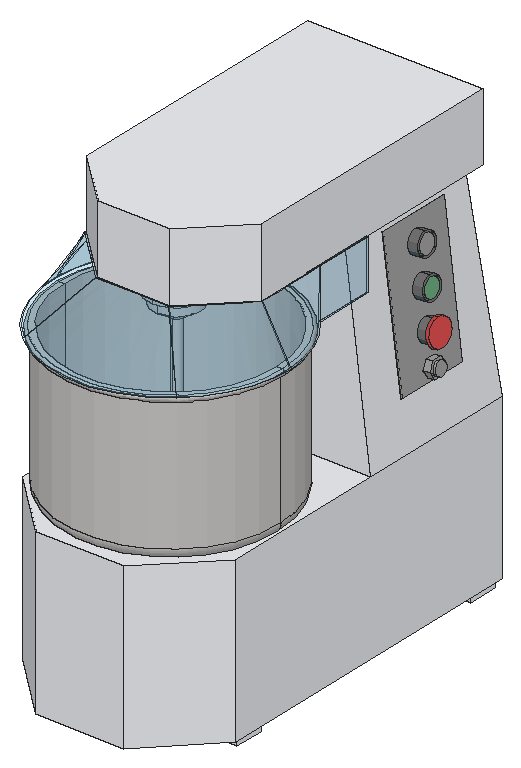
Revit family "QF_DITOSAMA_601525_DZSP10", category Specialty Equipment, Revit 2018
Family settings
  Round Connector Dimension = Use Diameter
  Part Type = Normal
  Work Plane-Based = No
  Always vertical = Yes
  Cut with Voids When Loaded = No
  Shared = No
  Room Calculation Point = No
Parameters
  Weight = 47.00 kg
  Watts = 0 W
  Volts = 0 V
  URL Manufacturer = ""
  URL = ""
  Steam Supply Size = 0 mm
  Steam Supply Minimum Pressure = 0.0 Pa
  Steam Supply Maximum Pressure = 0.0 Pa
  Steam Pounds per Hour = 0
  Refrigeration Suction Line Size = 0 mm
  Refrigeration Liquid Line Size = 0 mm
  Refrigerant Compressor Remote = yes
  Manufacturer = ""
  Phase = 0
  Model = ""
  Length Actual = 280 mm  # constant formula
  Item Number = ""
  Hot Water Size = 0 mm
  Height Actual = 580 mm  # constant formula
  HP = "0.7 HP"
  Gas Size = 0 mm
  Gas KW = 0
  Gas Input Pressure = 0 W
  Direct Waste Size = 0 mm
  Description = ""
  Depth Actual = 520 mm  # constant formula
  Cycle = 0 Hz
  Condensate Return Size = 0 mm
  Compressed Air Volume = 0.0 L/s
  Compressed Air Size = 0 mm
  Compressed Air Pressure = 0.0 Pa
  Cold Water Size = 0 mm
  Accessory = yes
Types (2, lengths in mm): name | Volts | URL Manufacturer | URL | Manufacturer | Phase | Model | Item Number | Description | Cycle
  (no name) | 0 V | "" | "" | "" | 0 | "" | "" | "" | 0 Hz
  QF_DITO SAMA_601525_DZSP10 | 400 V | "http://www.ditosama.com" | "http://www.ditosama.com" | "Dito Sama" | 3 | "DZSP10" | "601525" | "SPIRAL DOUGH KNEADER 12L 1SP.400/3" | 50 Hz
Reference planes
  plane 1 "Center (Front/Back)": y = 0
  plane 2: z = 0
  plane 3 "Center (Left/Right)": x = 0
  plane 4 "BASE": z = 225
  plane 5 "TOP": z = 580
  plane 6 "FRONT": y = -260
  plane 7 "BACK": y = 260
  plane 8 "LEFT": x = -140
  plane 9 "RIGHT": x = 140
  plane 10: z = 490
  plane 11 "CX": y = -110
  plane 12 "PANEL": through (140, -1524, 225) normal (-0.9916, 0, -0.129)
Forms (mm)
  Extrusion 1, solid, material "QF_Finishes_White"
    sketch origin (0, 0, 0) x (1, 0, 0) y (0, 1, 0)
      loop
        line (-135, 255) -> (-135, 215) -> (-115, 215) -> (-115, 255) -> (-135, 255)
      loop
        line (-135, -130) -> (-135, -170) -> (-115, -170) -> (-115, -130) -> (-135, -130)
      loop
        line (135, 255) -> (115, 255) -> (115, 215) -> (135, 215) -> (135, 255)
      loop
        line (135, -130) -> (115, -130) -> (115, -170) -> (135, -170) -> (135, -130)
    from 0 to 10
  Extrusion 2, solid, material "QF_Finishes_White"
    sketch origin (0, 0, 0) x (1, 0, 0) y (0, 1, 0)
      loop
        line (-140, 260) -> (-140, -178) -> (-58, -260) -> (58, -260) -> (140, -178) -> (140, 260) -> (-140, 260)
    from 225 to 10
  Blend 3, solid, material "QF_Finishes_White"
    base sketch origin (0, 0, 0) x (1, 0, 0) y (0, 1, 0)
      loop
        line (-140, 260) -> (-140, 45) -> (140, 45) -> (140, 260) -> (-140, 260)
    top sketch origin (0, 0, 0) x (1, 0, 0) y (0, 1, 0)
      loop
        line (-105.517, 242.833) -> (-105.517, 45) -> (105.517, 45) -> (105.517, 242.833) -> (-105.517, 242.833)
    from 225 to 490
  Extrusion 4, solid, material "QF_Finishes_White"
    sketch origin (0, 0, 0) x (1, 0, 0) y (0, 1, 0)
      loop
        line (-115.116, 260) -> (-115.116, -103.643) -> (-47.5, -171.259) -> (47.5, -171.259) -> (115, -103.759) -> (115, 260) -> (-115.116, 260)
    from 580 to 490
  Revolve 5, solid, material "QF_Finishes_Stainless Steel"
    sketch origin (0, 20.508, -90) x (0, 1, 0) y (0, 0, 1)
      loop
        line (-81.74, 580) -> (-120.508, 580) -> (-120.508, 404.668) -> (-114.084, 404.668) -> (-114.084, 519.668) -> (-89.213, 536.444) -> (-89.213, 551.444) -> (-81.74, 551.444) -> (-81.74, 580)
      axis (-120.508, 404.668) -> (-120.508, 580)
    angle from 0 to 360
  Revolve 6, solid, material "QF_Finishes_Stainless Steel"
    sketch origin (0, -110, 0) x (0, 0, 1) y (1, 0, 0)
      loop
        line (423.04, 140) -> (423.04, 147.438)
        arc (423.04, 147.438) -> (419.488, 150.99) -> (415.937, 147.438) r 3.552
        line (415.937, 147.438) -> (415.937, 145) -> (240.325, 145)
        arc (240.325, 145) -> (229.489, 140.511) -> (225, 129.675) r 15.325
        line (225, 129.675) -> (225, 0) -> (230, 0) -> (230, 129.675)
        arc (230, 129.675) -> (233.024, 136.976) -> (240.325, 140) r 10.325
        line (240.325, 140) -> (423.04, 140)
      axis (225, 0) -> (423.04, 0)
    angle from 0 to 360
  Blend 7, solid, material "Glass"
    base sketch origin (0, 0, 0) x (1, 0, 0) y (0, 1, 0)
      loop
        arc (115.116, -9.217) -> (142.241, -53.641) -> (152.904, -104.587) r 153
        arc (152.904, -104.587) -> (140.348, -170.922) -> (100.464, -225.395) r 153
        arc (100.464, -225.395) -> (0, -263) -> (-100.464, -225.395) r 153
        arc (-100.464, -225.395) -> (-140.371, -170.869) -> (-152.9, -104.471) r 153
        arc (-152.9, -104.471) -> (-142.22, -53.587) -> (-115.116, -9.217) r 153
        line (-115.116, -9.217) -> (-115.116, 69.595) -> (-117.116, 69.595) -> (-117.116, -8.468)
        arc (-117.116, -8.468) -> (-144.231, -53.233) -> (-154.901, -104.471) r 155
        arc (-154.901, -104.471) -> (-142.219, -171.634) -> (-101.882, -226.812) r 155
        arc (-101.882, -226.812) -> (0, -265) -> (101.882, -226.812) r 155
        arc (101.882, -226.812) -> (142.196, -171.688) -> (154.905, -104.587) r 155
        arc (154.905, -104.587) -> (144.252, -53.288) -> (117.116, -8.468) r 155
        line (117.116, -8.468) -> (117.116, 69.595) -> (115.116, 69.595) -> (115.116, -9.217)
    top sketch origin (0, 0, 0) x (1, 0, 0) y (0, 1, 0)
      loop
        line (-115.116, -8.468) -> (-115.116, 69.595) -> (-117.116, 69.595) -> (-117.116, -8.468) -> (-117.116, -104.471) -> (-48.328, -173.259) -> (48.328, -173.259) -> (117.116, -104.471) -> (117.116, -8.468) -> (117.116, 69.421) -> (115.116, 69.421) -> (115.116, -8.468) -> (115.116, -103.643) -> (47.5, -171.259) -> (-47.5, -171.259) -> (-115.116, -103.643) -> (-115.116, -8.468)
    from 423.04 to 490
  Extrusion 8, solid, material "QF_Finishes_Gray"
    sketch origin (166.46, 0, 21.661) x (0.129037, 0, -0.99164) y (0, -1, 0)
      loop
        line (-459.766, -102.929) -> (-459.766, -202.929) -> (-269.766, -202.929) -> (-269.766, -102.929) -> (-459.766, -102.929)
    from 0 to -2
  Extrusion 9, solid, material "QF_Finishes_Rubber Black"
    sketch origin (166.46, 0, 21.661) x (0.129037, 0, -0.99164) y (0, -1, 0)
      loop
        circle (-428.413, -152.929) r 15
      loop
        circle (-428.413, -152.929) r 13
      loop
        circle (-378.413, -152.929) r 15
      loop
        circle (-378.413, -152.929) r 13
      loop
        circle (-328.413, -152.929) r 15
      loop
        circle (-328.413, -152.929) r 13
    from -2 to -16.389
  Extrusion 10, solid, material "QF_Finishes_Gray"
    sketch origin (166.46, 0, 21.661) x (0.129037, 0, -0.99164) y (0, -1, 0)
      loop
        circle (-428.413, -152.929) r 13
    from -2 to -16.389
  Extrusion 11, solid, material "QF_Finishes_Green"
    sketch origin (172.911, 0, -27.921) x (0.129037, 0, -0.99164) y (0, -1, 0)
      loop
        circle (-428.413, -152.929) r 13
    from -2 to -16.389
  Extrusion 12, solid, material "QF_Finishes_Red"
    sketch origin (166.46, 0, 21.661) x (0.129037, 0, -0.99164) y (0, -1, 0)
      loop
        circle (-328.413, -152.929) r 18
    from -16.389 to -20.985
  Extrusion 13, solid, material "QF_Finishes_Gray"
    sketch origin (166.46, 0, 21.661) x (0.129037, 0, -0.99164) y (0, -1, 0)
      loop
        line (-286.257, -165.541) -> (-275.335, -159.235) -> (-275.335, -146.623) -> (-286.257, -140.318) -> (-297.179, -146.623) -> (-297.179, -159.235) -> (-286.257, -165.541)
      loop
        circle (-286.257, -152.929) r 9
    from -12.471 to -2
  Extrusion 14, solid, material "QF_Finishes_Gray"
    sketch origin (166.46, 0, 21.661) x (0.129037, 0, -0.99164) y (0, -1, 0)
      loop
        circle (-286.257, -152.929) r 9
    from -2 to -16.389
  Extrusion 15, solid, material "QF_Finishes_Stainless Steel"
    sketch origin (0, 260, 0) x (-1, 0, 0) y (0, 0, 1)
      loop
        circle (0, 160) r 10
    from 0 to 3.664
Lines and regions (mm)
  symbolic lines
    curve 1: line (-140, 260, 0) -> (140, 260, 0)
    curve 2: line (140, 260, 0) -> (140, -43.479, 0)
    curve 3: line (-140, 260, 0) -> (-140, -43.479, 0)
    curve 4: arc (-117.116, -11.548, 0) -> (0, -263, 0) -> (117.116, -11.548, 0) r 153
    curve 5: line (-115.116, 260, 0) -> (-115.116, -103.643, 0)
    curve 6: line (115, -103.759, 0) -> (115, 260, 0)
    curve 7: line (-115.116, -103.643, 0) -> (-47.5, -171.259, 0)
    curve 8: line (-47.5, -171.259, 0) -> (47.5, -171.259, 0)
    curve 9: line (47.5, -171.259, 0) -> (115, -103.759, 0)
    curve 10: line (115, 102.929, 0) -> (133.633, 102.929, 0)
    curve 11: line (133.633, 202.929, 0) -> (115, 202.929, 0)
    curve 12: line (133.633, 102.929, 0) -> (133.633, 202.929, 0)
    curve 13: line (-58, -260, 0) -> (58, -260, 0)
    curve 14: line (58, -260, 0) -> (69.41, -248.59, 0)
    curve 15: line (-68.607, -249.393, 0) -> (-58, -260, 0)
    curve 16: line (-115.116, 45, 0) -> (-140, 45, 0)
    curve 17: line (115, 45, 0) -> (140, 45, 0)
Dimensions and locks
  plane 4 "BASE" to level = 225 mm
  plane 5 "TOP" to level = 580 mm  (x2)
  equal spacing: plane 8 "LEFT", plane 3 "Center (Left/Right)", plane 9 "RIGHT"
  equal spacing: plane 7 "BACK", plane 1 "Center (Front/Back)", plane 6 "FRONT"
  plane 7 "BACK" to plane 6 "FRONT" = 520 mm
  plane 8 "LEFT" to plane 9 "RIGHT" = 280 mm
  plane 5 "TOP" to plane 10 = 90 mm
  plane 6 "FRONT" to plane 11 "CX" = 150 mm
  aligned and locked: level to plane 2
Automatic sketch dimensions
  plane 8 "LEFT" to Extrusion 1 sketch curve = 5 mm  (x2)
  Extrusion 1 sketch curve to Extrusion 1 sketch curve = 20 mm  (x2)
  plane 9 "RIGHT" to Extrusion 1 sketch curve = 25 mm  (x2)
  Extrusion 1 sketch curve to plane 7 "BACK" = 5 mm  (x2)
  plane 9 "RIGHT" to Extrusion 1 sketch curve = 5 mm  (x2)
  Extrusion 1 sketch curve to plane 7 "BACK" = 45 mm
  Extrusion 1 sketch curve to Extrusion 1 sketch curve = 40 mm  (x3)
  Extrusion 1 sketch curve to plane 11 "CX" = 20 mm  (x2)
  Extrusion 2 sketch curve to plane 7 "BACK" = 0 mm
  Extrusion 2 sketch curve to plane 8 "LEFT" = 0 mm
  Extrusion 2 sketch curve to plane 6 "FRONT" = 0 mm
  Extrusion 2 sketch curve to plane 9 "RIGHT" = 0 mm
  Extrusion 2 sketch curve to plane 3 "Center (Left/Right)" = 58 mm
  plane 3 "Center (Left/Right)" to Extrusion 2 sketch curve = 58 mm
  Extrusion 2 sketch curve to plane 11 "CX" = 68 mm  (x2)
  Blend 3 sketch curve to plane 8 "LEFT" = 0 mm
  Blend 3 sketch curve to plane 9 "RIGHT" = 0 mm
  Blend 3 sketch curve to plane 7 "BACK" = 0 mm
  Blend 3 sketch curve to plane 1 "Center (Front/Back)" = 45 mm  (x2)
  plane 8 "LEFT" to Blend 3 sketch curve = 34.483 mm
  plane 9 "RIGHT" to Blend 3 sketch curve = 34.483 mm
  Blend 3 sketch curve to plane 7 "BACK" = 17.167 mm
  plane 8 "LEFT" to Extrusion 4 sketch curve = 24.884 mm
  Extrusion 4 sketch curve to plane 3 "Center (Left/Right)" = 47.5 mm
  plane 3 "Center (Left/Right)" to Extrusion 4 sketch curve = 47.5 mm
  plane 11 "CX" to Extrusion 4 sketch curve = 6.241 mm
  plane 9 "RIGHT" to Extrusion 4 sketch curve = 25 mm
  Extrusion 4 sketch curve to plane 11 "CX" = 61.259 mm
  plane 11 "CX" to Extrusion 4 sketch curve = 6.357 mm
  Extrusion 4 sketch curve to plane 7 "BACK" = 0 mm
  Revolve 5 sketch curve to plane 10 = 0 mm
  plane 11 "CX" to Revolve 5 sketch curve = 10 mm  (x2)
  Revolve 5 sketch curve to Revolve 5 sketch curve = 6.424 mm
  Revolve 5 sketch curve to Revolve 5 sketch curve = 24.871 mm
  Revolve 5 sketch curve to Revolve 5 sketch curve = 7.472 mm
  Revolve 5 sketch curve to plane 10 = 28.556 mm
  Revolve 5 sketch curve to Revolve 5 sketch curve = 15 mm  (x2)
  Revolve 5 sketch curve to Revolve 5 sketch curve = 16.776 mm
  plane 4 "BASE" to Revolve 5 sketch curve = 89.668 mm
  plane 10 to Revolve 5 sketch curve = 10 mm
  Revolve 6 sketch curve to Revolve 6 sketch curve = 0 mm  (x2)
  Revolve 6 sketch curve to plane 4 "BASE" = 0 mm
  Revolve 6 sketch curve to plane 3 "Center (Left/Right)" = 0 mm  (x2)
  plane 9 "RIGHT" to Revolve 6 sketch curve = 0 mm
  plane 4 "BASE" to Revolve 6 sketch curve = 5 mm
  Revolve 6 sketch curve to Revolve 6 sketch curve = 10.325 mm
  Revolve 6 sketch curve to plane 10 = 74.063 mm
  Revolve 6 sketch curve to Revolve 6 sketch curve = 3.552 mm
  Revolve 6 sketch curve to Revolve 6 sketch curve = 2.438 mm
  Revolve 6 sketch curve to Revolve 6 sketch curve = 15.605 mm
  plane 5 "TOP" to Revolve 6 sketch curve = 25.605 mm
  Blend 7 sketch curve to Blend 7 sketch curve = 0 mm  (x92)
  Blend 7 sketch curve to plane 3 "Center (Left/Right)" = 0 mm
  Blend 7 sketch curve to plane 11 "CX" = 0 mm
  plane 8 "LEFT" to Blend 7 sketch curve = 24.884 mm
  Blend 7 sketch curve to Blend 7 sketch curve = 2 mm  (x5)
  plane 1 "Center (Front/Back)" to Blend 7 sketch curve = 9.217 mm
  plane 9 "RIGHT" to Blend 7 sketch curve = 24.884 mm  (x2)
  Blend 7 sketch curve to Blend 7 sketch curve = 0.749 mm
  Blend 7 sketch curve to plane 1 "Center (Front/Back)" = 69.595 mm  (x3)
  plane 6 "FRONT" to Blend 7 sketch curve = 34.605 mm  (x2)
  Blend 7 sketch curve to Blend 7 sketch curve = 1.418 mm  (x2)
  plane 11 "CX" to Blend 7 sketch curve = 5.529 mm
  Blend 7 sketch curve to Blend 7 sketch curve = 2.001 mm  (x2)
  plane 11 "CX" to Blend 7 sketch curve = 5.413 mm
  plane 1 "Center (Front/Back)" to Blend 7 sketch curve = 8.468 mm  (x2)
  plane 8 "LEFT" to Blend 7 sketch curve = 22.884 mm
  Blend 7 sketch curve to plane 3 "Center (Left/Right)" = 48.328 mm
  Blend 7 sketch curve to Blend 7 sketch curve = 0.828 mm  (x4)
  plane 3 "Center (Left/Right)" to Blend 7 sketch curve = 47.5 mm
  plane 11 "CX" to Blend 7 sketch curve = 6.357 mm  (x2)
  Blend 7 sketch curve to plane 11 "CX" = 61.259 mm
  Blend 7 sketch curve to plane 1 "Center (Front/Back)" = 69.421 mm
  Extrusion 8 sketch curve to plane 7 "BACK" = 57.071 mm
  Extrusion 8 sketch curve to Extrusion 8 sketch curve = 190 mm
  Extrusion 8 sketch curve to Extrusion 8 sketch curve = 100 mm
  Extrusion 9 sketch curve to Extrusion 9 sketch curve = 0 mm  (x8)
  Extrusion 9 sketch curve to plane 7 "BACK" = 107.071 mm
  Extrusion 9 sketch curve to Extrusion 9 sketch curve = 50 mm  (x2)
  Extrusion 10 sketch curve to plane 7 "BACK" = 107.071 mm
  Extrusion 11 sketch curve to plane 7 "BACK" = 107.071 mm
  Extrusion 12 sketch curve to plane 7 "BACK" = 107.071 mm
  Extrusion 13 sketch curve to plane 7 "BACK" = 113.377 mm
  Extrusion 13 sketch curve to plane 7 "BACK" = 94.459 mm
  Extrusion 13 sketch curve to Extrusion 13 sketch curve = 10.922 mm  (x3)
  Extrusion 13 sketch curve to plane 7 "BACK" = 119.682 mm
  Extrusion 13 sketch curve to Extrusion 13 sketch curve = 0 mm
  Extrusion 13 sketch curve to Extrusion 13 sketch curve = 12.612 mm  (x2)
  Extrusion 13 sketch curve to Extrusion 13 sketch curve = 6.306 mm  (x2)
  Extrusion 14 sketch curve to plane 7 "BACK" = 107.071 mm
  Extrusion 15 sketch curve to plane 3 "Center (Left/Right)" = 0 mm
  Extrusion 15 sketch curve to plane 4 "BASE" = 65 mm
  curve 1 to plane 7 "BACK" = 0 mm
  curve 1 to plane 8 "LEFT" = 0 mm
  curve 13 to plane 6 "FRONT" = 0 mm
  curve 4 to plane 3 "Center (Left/Right)" = 0 mm
  curve 17 to plane 9 "RIGHT" = 0 mm
  curve 4 to plane 11 "CX" = 0 mm
  plane 11 "CX" to curve 5 = 6.357 mm
  plane 8 "LEFT" to curve 5 = 24.884 mm
  curve 13 to plane 3 "Center (Left/Right)" = 58 mm
  curve 8 to plane 3 "Center (Left/Right)" = 47.5 mm
  plane 3 "Center (Left/Right)" to curve 9 = 47.5 mm
  plane 3 "Center (Left/Right)" to curve 14 = 58 mm
  plane 11 "CX" to curve 9 = 6.241 mm
  plane 9 "RIGHT" to curve 11 = 6.367 mm
  curve 7 to plane 11 "CX" = 61.259 mm
  curve 10 to plane 1 "Center (Front/Back)" = 102.929 mm
  curve 11 to plane 7 "BACK" = 57.071 mm
  plane 8 "LEFT" to curve 4 = 22.884 mm
  plane 6 "FRONT" to curve 15 = 10.607 mm
  curve 15 to curve 13 = 10.607 mm
  plane 6 "FRONT" to curve 14 = 11.41 mm
  curve 13 to curve 14 = 11.41 mm
  curve 17 to curve 17 = 25 mm
  plane 1 "Center (Front/Back)" to curve 4 = 11.548 mm
  plane 9 "RIGHT" to curve 4 = 22.884 mm
  curve 2 to curve 4 = 31.931 mm
  curve 3 to curve 4 = 31.931 mm
  curve 16 to plane 1 "Center (Front/Back)" = 45 mm
  curve 17 to plane 1 "Center (Front/Back)" = 45 mm
  radius of Extrusion 9 sketch curve = 15 mm  (x3)
  radius of Extrusion 9 sketch curve = 13 mm  (x3)
  radius of Extrusion 10 sketch curve = 13 mm
  radius of Extrusion 11 sketch curve = 13 mm
  radius of Extrusion 12 sketch curve = 18 mm
  radius of Extrusion 13 sketch curve = 9 mm
  radius of Extrusion 14 sketch curve = 9 mm
  radius of Extrusion 15 sketch curve = 10 mm
Connectors
  electrical at (0, 263.664, 160), driven by "Volts"
    settings: on Extrusion 15, index 1, voltage 0 V, apparent load 0 VA, apparent load phase1 0 VA, apparent load phase2 0 VA, apparent load phase3 0 VA, power factor 1, load classification "Other", number of poles 1, system type 30, power factor state 1, is connector primary yes, connector utility no, sub classification motor no, connector description "Electrical Connection"
